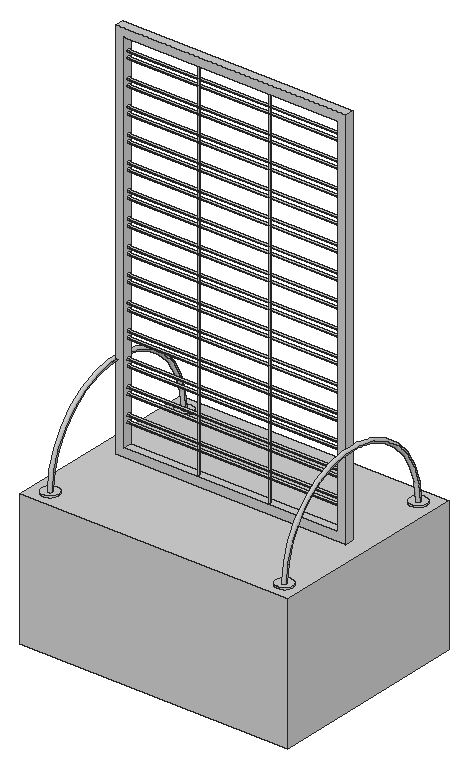
Revit family "GB", category Specialty Equipment, Revit 2012
Parameters (values of type "Golf Bag Plinth (Default)")
  Wire Panel [instance] = yes
  URL = "http://madixinc.com/display/freestanding.html"
  Model = "Golf Bag Plinth"
  Manufacturer = "© 2012 Madix, Inc. All rights reserved."
Reference planes (in)
  plane 1 "Center (Front/Back)": y = 0
  plane 2: z = 0
  plane 3 "Center (Left/Right)": x = 0
  plane 4: x = -16
  plane 5: x = 16
  plane 6: y = 12
  plane 7: y = -12
  plane 8: z = 16
  plane 9: y = 11
  plane 10: x = -15
  plane 11: y = -11
  plane 12: x = 15
  plane 13: x = -14
  plane 14: y = 10
  plane 15: x = 14
  plane 16: y = -10
  plane 17: z = 16.125
  plane 18: z = 62
  plane 19: y = 0.5
  plane 20: y = -0.5
  plane 21: z = 17
  plane 22: z = 20
  plane 23: z = 23
  plane 24: z = 26
  plane 25: z = 29
  plane 26: z = 32
  plane 27: z = 35
  plane 28: z = 38
  plane 29: z = 41
  plane 30: z = 44
  plane 31: z = 47
  plane 32: z = 50
  plane 33: z = 53
  plane 34: z = 56
  plane 35: z = 59
Forms (in)
  Extrusion 1, solid, material "Metal - Steel"
    sketch origin (0, 0, 0) x (1, 0, 0) y (0, 1, 0)
      loop
        line (-16, 12) -> (-16, -12) -> (16, -12) -> (16, 12) -> (-16, 12)
    from 0 to 16
  Extrusion 2, solid, material "Metal - Steel", visible <- "Wire Panel"
    sketch origin (0, 0, 0) x (1, 0, 0) y (0, 1, 0)
      loop
        circle (-14, 10) r 1
      loop
        circle (14, 10) r 1
      loop
        circle (14, -10) r 1
      loop
        circle (-14, -10) r 1
    from 16 to 16.125
  Sweep 3, solid, material "Metal - Steel", visible <- "Wire Panel"
    path origin (0, 0, 0) x (0, 1, 0) y (0, 0, 1)
      loop
        arc (-10, 16.125) -> (0, 26.125) -> (10, 16.125) r 10
    profile origin (0, 0, 26.125) x (0, 0, 1) y (1, 0, 0)
      loop
        circle (0, 14) r 0.25
  Sweep 4, solid, material "Metal - Steel", visible <- "Wire Panel"
    path origin (0, 0, 0) x (0, 1, 0) y (0, 0, -1)
      loop
        arc (-10, -16.125) -> (0, -26.125) -> (10, -16.125) r 10
    profile origin (0, 0, 26.125) x (0, 0, -1) y (-1, 0, 0)
      loop
        circle (0, 14) r 0.25
  Extrusion 5, solid, material "Metal - Steel", visible <- "Wire Panel"
    sketch origin (0, 0, 0) x (1, 0, 0) y (0, 0, 1)
      loop
        line (-13.75, 16) -> (13.75, 16) -> (13.75, 62) -> (-13.75, 62) -> (-13.75, 16)
      loop
        line (-12.75, 61) -> (-12.75, 17) -> (12.75, 17) -> (12.75, 61) -> (-12.75, 61)
    from -0.5 to 0.5
  Extrusion 6, solid, material "Metal - Steel", visible <- "Wire Panel"
    sketch origin (0, 0, 0) x (1, 0, 0) y (0, 1, 0)
      loop
        circle (-4.25, 0) r 0.125
      loop
        circle (4.25, 0) r 0.125
    from 17 to 61
  Extrusion 7, solid, material "Metal - Steel", visible <- "Wire Panel"
    sketch origin (0, 0, 0) x (0, 1, 0) y (0, 0, 1)
      loop
        circle (0, 19.625) r 0.125
      loop
        circle (0, 20.375) r 0.125
      loop
        circle (0, 22.625) r 0.125
      loop
        circle (0, 23.375) r 0.125
      loop
        circle (0, 26.375) r 0.125
      loop
        circle (0, 25.625) r 0.125
      loop
        circle (0, 32.375) r 0.125
      loop
        circle (0, 31.625) r 0.125
      loop
        circle (0, 29.375) r 0.125
      loop
        circle (0, 28.625) r 0.125
      loop
        circle (0, 44.375) r 0.125
      loop
        circle (0, 43.625) r 0.125
      loop
        circle (0, 41.375) r 0.125
      loop
        circle (0, 40.625) r 0.125
      loop
        circle (0, 37.625) r 0.125
      loop
        circle (0, 38.375) r 0.125
      loop
        circle (0, 34.625) r 0.125
      loop
        circle (0, 35.375) r 0.125
      loop
        circle (0, 55.625) r 0.125
      loop
        circle (0, 56.375) r 0.125
      loop
        circle (0, 58.625) r 0.125
      loop
        circle (0, 59.375) r 0.125
      loop
        circle (0, 46.625) r 0.125
      loop
        circle (0, 47.375) r 0.125
      loop
        circle (0, 50.375) r 0.125
      loop
        circle (0, 49.625) r 0.125
      loop
        circle (0, 53.375) r 0.125
      loop
        circle (0, 52.625) r 0.125
    from -12.75 to 12.75
Dimensions and locks (in)
  aligned and locked: level to plane 2
